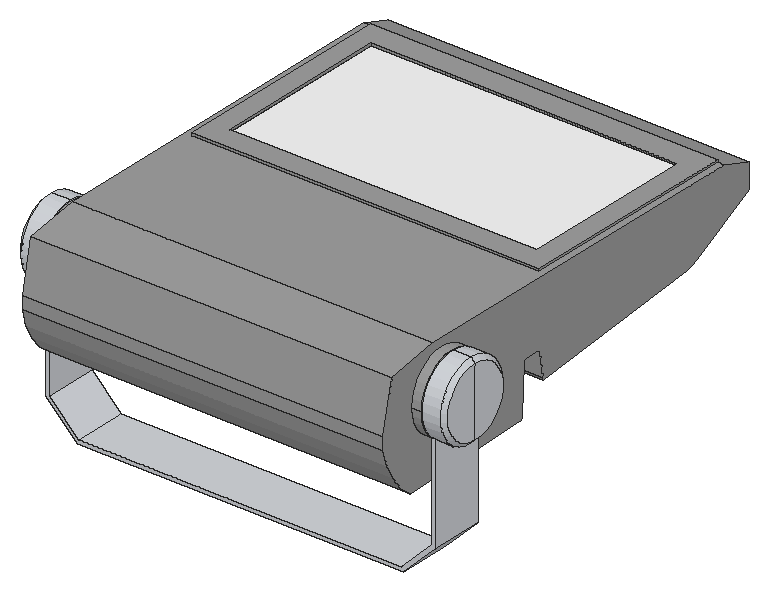
Revit family "0049101 Feilo Sylvania Lighting Fixture SYLVEO LED 3000LM WIDE 4K", category Lighting Fixtures, host Face, Revit 2017
Family settings
  Host = Face
  Round Connector Dimension = Use Diameter
  Part Type = Normal
  OmniClass Number = 23.80.70.00
  OmniClass Title = Lighting
  Cut with Voids When Loaded = No
  Light Source = No
  Shared = No
  Room Calculation Point = No
Parameters (values of type "0049101 SYLVEO LED 3000LM WIDE 4K")
  _DistributedBy = ""
  _CurrentRevision = 0
  _CreatedBy = "http://www.feilosylvania.com"
  _BimstoreBibleVersion = "Version 15"
  _BimSpecGuid = 0
  _Author = "n/a"
  Weight = "11.022 kg"
  Wattage Comments = "n/a"
  WarrantyStartDate [instance] = "n/a"
  WarrantyGuarantorParts = "n/a"
  WarrantyDurationUnit = "n/a"
  WarrantyDurationParts = "n/a"
  WarrantyDescription = "n/a"
  Voltage = 230 V
  URL = "http://www.sylvania-lighting.com"
  TypeName = "SYLVEO LED 3000LM WIDE 4K"
  TypeBody_FEILO = Sylveo Body S : 0049101 SYLVEO LED 3000LM WIDE 4K
  Type Image = <None>
  Type Comments = "n/a"
  TotalWidth = 205 mm
  TiltAngle [instance] = 0.00°
  StartAngle [instance] = -TiltAngle  # 0.00°
  PhotobiologicalRiskGroup = "RG1"
  Material_4_FEILO = none
  Material_3_FEILO = Diffuser-Sylvania-Glow
  Material_2_FEILO = Default
  Material_1_FEILO = none
  LuminousFlux = 3189 lm
  EndAngle [instance] = StartAngle + 180.00°  # 180.00°
  SerialNumber [instance] = "n/a"
  PowerFactor = 0
  PowerConsumption = "32.2 W"
  NominalLength = 205 mm
  NominalHeight = 219 mm
  NominalDepth = 59 mm
  Name = "SYLVEO LED 3000LM WIDE 4K"
  NBSReference = "n/a"
  NBSOfficeMasterTag = "n/a"
  NBSObjectName = "n/a"
  NBSNote = "n/a"
  NBSDescription = "n/a"
  ModelReference = "SYLVEO LED 3000LM WIDE 4K"
  ModelNumber = "0049101"
  Model = ModelReference  # "SYLVEO LED 3000LM WIDE 4K"
  Material = "aluminium housing, glass diffuser"
  ManufacturerName = "Feilo Sylvania"
  Manufacturer = "Feilo Sylvania"
  LuminaireType = ""
  LuminairePowerFactor = "n/a"
  LightOutputRatio = "100"
  LampsType = "LED"
  LampsColourRenderingIndex = "70"
  Lamp = "LED"
  Keynote = "16500"
  InstallationDate [instance] = "n/a"
  InputVoltage = "100-240V~"
  InputNominalFrequency = "50 Hz"
  IngressProtection = "IP66"
  ImpactProtectionIndex = "IK08"
  IfcExportType = "IfcLightFixtureType"
  IfcExportAs = "IfcLightFixtureType"
  Finish = "Die cast"
  ExpectedLife = 50000
  ElectricShockClassification = "Class I"
  DurationUnit = "hours"
  DocumentationLiterature = "http://www.sylvania-lighting.com/product/en-int/products/0049101"
  DimmingControlOptions = "Non dimmable"
  Diffuser Material = "Glass"
  Diffuser Finish = "Clear"
  Description = "Exterior LED Floodlight, comes complete with a 1000mm cable and adjustable bracket, aluminium housing, clear glass diffuser, IP66, IK08, Class I, 4000K, Non-dimming, 3400lm, 32W, 106lm/W, 850mA, CRI70, 52° beam angle, 50000hrs, (LxWxD) 49x205x219mm"
  Default Elevation = 1219.2 mm
  CreatedOn = "1/9/2018"
  CreatedBy = ""
  Cost = 0
  ColorTemperature = 4000 K
  ColorConsistency(SDCM) = "6"
  Color = "Aluminium"
  built-in parameter 1114216 [instance] = (empty or 0)
  ClassificationValue = "EF_70_80"
  ClassificationName = "Uniclass2015"
  BracketWidth = 25 mm
  BracketInnerWidth = 183 mm
  BracketExtrusionStart = -BracketWidth / 2  # -12.5 mm
  BracketExtrusionEnd = BracketWidth / 2  # 12.5 mm
  BarCode [instance] = "n/a"
  BIMObjectName = "n/a"
  AssetType = "Fixed"
  AssetIdentifier [instance] = "n/a"
  Assembly Code = "D5020200"
  Apparent Load = 32.2 VA
Reference planes
  plane 1 "Center (Front/Back)": y = 0
  plane 2: z = 0
  plane 3 "Center (Left/Right)": x = 0
  plane 4: x = 91.5
  plane 5: x = -91.5
  plane 6: z = 76
  plane 7: x = 102.5
  plane 8: x = -102.5
  plane 9: z = 94.5
  plane 10: z = 57.5
  plane 11: x = 100.5
  plane 12: x = -100.5
  plane 13: x = 93.5
  plane 14: x = -93.5
  plane 15: z = 2
  plane 16: z = 16
  plane 17: x = 77.5
  plane 18: x = -77.5
  plane 19: z = 59.5
Forms (mm)
  Extrusion 1, solid
    sketch origin (0, 0, 0) x (1, 0, 0) y (0, 0, 1)
      loop
        line (0, 2) -> (0, 0) -> (78.328, 0) -> (93.5, 15.172) -> (93.5, 76) -> (91.5, 76) -> (91.5, 16) -> (77.5, 2) -> (0, 2)
    from -12.5 to 12.5 <- "BracketExtrusionEnd"
  Extrusion 2, solid
    sketch origin (0, 0, 0) x (-1, 0, 0) y (0, 0, -1)
      loop
        line (0, -2) -> (77.5, -2) -> (91.5, -16) -> (91.5, -76) -> (93.5, -76) -> (93.5, -15.172) -> (78.328, 0) -> (0, 0) -> (0, -2)
    from -12.5 to 12.5 <- "BracketExtrusionEnd"
  Revolve 3, solid
    sketch origin (0, 0, 0) x (1, 0, 0) y (0, 0, 1)
      loop
        line (-91.5, 76) -> (-102.5, 76) -> (-102.5, 59.5) -> (-100.5, 57.5) -> (-91.5, 57.5) -> (-91.5, 76)
      axis (-91.5, 76) -> (-102.5, 76)
    angle from 0 to 360
  Revolve 4, solid
    sketch origin (0, 0, 0) x (-1, 0, 0) y (0, 0, 1)
      loop
        line (-91.5, 76) -> (-102.5, 76) -> (-102.5, 59.5) -> (-100.5, 57.5) -> (-91.5, 57.5) -> (-91.5, 76)
      axis (-91.5, 76) -> (-102.5, 76)
    angle from 0 to 360
  Revolve 5, solid, not visible
    sketch origin (181.107, 0, 76) x (1, 0, 0) y (0, 1, 0)
      loop
        line (-191.101, 0) -> (-171.112, 0) -> (-171.112, 10) -> (-191.101, 10) -> (-191.101, 0)
      axis (-171.112, 0) -> (-191.101, 0)
    angle from 0 <- "StartAngle" to 180 <- "EndAngle"
Cuts and joins
  joined: Extrusion 1, Extrusion 2, Revolve 3, Revolve 4
Dimensions and locks
  equal spacing: plane 5, plane 3 "Center (Left/Right)", plane 4
  "BracketInnerWidth": plane 5 to plane 4
  equal spacing: plane 7, plane 3 "Center (Left/Right)", plane 8
  "TotalWidth": plane 7 to plane 8
  locked: plane 2 to plane 6 at 76
  equal spacing: plane 10, plane 6, plane 9
  locked: plane 10 to plane 9 at 37
  equal spacing: plane 11, plane 3 "Center (Left/Right)", plane 12
  locked: plane 11 to plane 12 at 201
  equal spacing: plane 13, plane 3 "Center (Left/Right)", plane 14
  locked: plane 13 to plane 14 at 187
  locked: plane 2 to plane 16 at 16
  locked: plane 2 to plane 15 at 2
  equal spacing: plane 17, plane 3 "Center (Left/Right)", plane 18
  locked: plane 17 to plane 18 at 155
  locked: plane 19 to plane 10 at 2
  locked: Revolve 5 sketch curve to Revolve 5 sketch curve at 10
  equal spacing: Revolve 5 sketch curve, plane 3 "Center (Left/Right)", Revolve 5 sketch curve
  locked: Revolve 5 sketch curve to Revolve 5 sketch curve at 19.988
  aligned and locked: plane 2 to host face
  aligned and locked: level to host face
  aligned and locked: Revolve 3 sketch curve to plane 10
  aligned and locked: Revolve 3 sketch curve to plane 8
  aligned and locked: plane 5 to Revolve 3 sketch curve
  aligned and locked: Revolve 3 sketch curve to plane 6  (x2)
  aligned and locked: Revolve 5 sketch curve to plane 1 "Center (Front/Back)"
  aligned and locked: plane 3 "Center (Left/Right)" to nested 1
Automatic sketch dimensions
  host sketch curve to host sketch curve = 2438.4 mm  (x2)
  Extrusion 1 sketch curve to plane 3 "Center (Left/Right)" = 0 mm  (x2)
  Extrusion 1 sketch curve to level = 0 mm  (x2)
  Extrusion 1 sketch curve to plane 15 = 0 mm
  Extrusion 1 sketch curve to plane 17 = 0 mm
  plane 4 to Extrusion 1 sketch curve = 0 mm
  Extrusion 1 sketch curve to plane 13 = 0 mm  (x2)
  Extrusion 1 sketch curve to plane 6 = 0 mm  (x2)
  Extrusion 1 sketch curve to plane 16 = 0 mm
  plane 17 to Extrusion 1 sketch curve = 0.828 mm
  Extrusion 1 sketch curve to plane 16 = 0.828 mm
  Extrusion 2 sketch curve to plane 3 "Center (Left/Right)" = 0 mm  (x2)
  Extrusion 2 sketch curve to level = 0 mm  (x2)
  Extrusion 2 sketch curve to plane 15 = 0 mm
  plane 18 to Extrusion 2 sketch curve = 0 mm
  plane 5 to Extrusion 2 sketch curve = 0 mm
  plane 14 to Extrusion 2 sketch curve = 0 mm  (x2)
  Extrusion 2 sketch curve to plane 6 = 0 mm  (x2)
  Extrusion 2 sketch curve to plane 16 = 0 mm
  Extrusion 2 sketch curve to plane 18 = 0.828 mm
  plane 16 to Extrusion 2 sketch curve = 0.828 mm
  plane 12 to Revolve 3 sketch curve = 0 mm
  Revolve 3 sketch curve to plane 19 = 0 mm
  plane 8 to Revolve 3 sketch curve = 77.715 mm
  plane 7 to Revolve 3 sketch curve = 78.607 mm
  Revolve 4 sketch curve to plane 6 = 0 mm  (x2)
  Revolve 4 sketch curve to plane 7 = 0 mm
  Revolve 4 sketch curve to plane 10 = 0 mm
  Revolve 4 sketch curve to plane 11 = 0 mm
  plane 4 to Revolve 4 sketch curve = 0 mm
  Revolve 4 sketch curve to plane 19 = 0 mm
  Revolve 4 sketch curve to Revolve 4 sketch curve = 77.715 mm
  Revolve 4 sketch curve to plane 8 = 78.607 mm
  plane 1 "Center (Front/Back)" to Revolve 5 sketch curve = 0 mm
  plane 8 to Revolve 5 sketch curve = 1421.5 mm
  plane 7 to Revolve 5 sketch curve = 1421.5 mm
Nested families
  nested 1: "Sylveo Body S" at (0, 72.991, 76), type <- "TypeBody_FEILO", type "0049101 SYLVEO LED 3000LM WIDE 4K"
Connectors
  electrical at (0, 0, 0), driven by "Apparent Load", driven by "PowerFactor", driven by "Voltage"
    settings: index 1, voltage 230 V, apparent load 32.2 VA, apparent load phase1 0 VA, apparent load phase2 0 VA, apparent load phase3 0 VA, power factor 0, load classification "Lighting", number of poles 1, system type 30, power factor state 1, is connector primary yes, connector utility no, sub classification motor no, connector description ""
Definition of nested family "Sylveo Body S"
  Parameters (values of type "0049105 SYLVEO LED 3000LM RASYM 3K")
    Wattage = 30.8 W
    built-in parameter 1150110 = 1 (stored number, unit not read)
    VoidExtrusionStart = -BodyWidth / 2  # -86.5 mm
    URL = "http://www.feilosylvania.com"
    Type Comments = "n/a"
    built-in parameter 1114217 = 1 (stored number, unit not read)
    Tilt Angle = -90.00°
    built-in parameter 1150109 = 1 (stored number, unit not read)
    built-in parameter 1150134 = (empty or 0)
    built-in parameter 1150113 = 1 (stored number, unit not read)
    Photometric Web File = "0049105.ies"
    Model = "SYLVEO LED 3000LM RASYM 3K"
    Material_4_FEILO = none
    Material_3_FEILO = none
    Material_2_FEILO = none
    Material_1_FEILO = none
    Manufacturer = "Feilo Sylvania"
    built-in parameter 1150105 = 1613.6 (stored number, unit not read)
    Lumens = 3123.12 lm
    built-in parameter 1150115 = 1 (stored number, unit not read)
    built-in parameter 1150137 = (empty or 0)
    built-in parameter 1150139 = (empty or 0)
    built-in parameter 1150112 = 1 (stored number, unit not read)
    built-in parameter 1150114 = 1 (stored number, unit not read)
    Lamp = "LED"
    Keynote = "16500"
    built-in parameter 1150132 = (empty or 0)
    built-in parameter 1150102 = (empty or 0)
    built-in parameter 1150107 = 3000 (stored number, unit not read)
    built-in parameter 1150138 = (empty or 0)
    built-in parameter 1150106 = 16.136 (stored number, unit not read)
    Emit from Rectangle Width = 84 mm
    Emit from Rectangle Length = 147 mm
    Emit Shape Visible in Rendering = no
    built-in parameter 1150104 = 9.4204 (stored number, unit not read)
    Dimming Lamp Color Temperature Shift = (empty or 0)
    Description = "Exterior LED Floodlight, comes complete with a 1000mm cable and adjustable bracket, aluminium housing, clear glass diffuser, IP66, IK08, Class I, 3000K, Non-dimming, 3122lm, 31W, 101lm/W, 850mA, CRI70, 52°x117° beam angle, 50000hrs, (LxWxD) 49x205x219mm"
    Default Elevation = 1219.2 mm
    Cost = 0
    Color Filter = 16777215
    BodyWidth = 173 mm
    BodyHeight = 219 mm
    BodyExtrusionEnd = -BodyDepth  # -59 mm
    BodyDepth = 59 mm
    built-in parameter 1114218 = 1 (stored number, unit not read)
    built-in parameter 1150133 = 10 (stored number, unit not read)
    Assembly Code = "D5020200"
    Apparent Load = 30.8 VA
  Types (6, lengths in mm): name | Wattage | built-in parameter 1150134 | Photometric Web File | Model | built-in parameter 1150105 | Lumens | built-in parameter 1150107 | built-in parameter 1150106 | built-in parameter 1150104 | Description | Apparent Load
    0049105 SYLVEO LED 3000LM RASYM 3K | 30.8 W | (empty or 0) | "0049105.ies" | "SYLVEO LED 3000LM RASYM 3K" | 1613.6 (stored number, unit not read) | 3123.12 lm | 3000 (stored number, unit not read) | 16.136 (stored number, unit not read) | 9.4204 (stored number, unit not read) | "Exterior LED Floodlight, comes complete with a 1000mm cable and adjustable bracket, aluminium housing, clear glass diffuser, IP66, IK08, Class I, 3000K, Non-dimming, 3122lm, 31W, 101lm/W, 850mA, CRI70, 52°x117° beam angle, 50000hrs, (LxWxD) 49x205x219mm" | 30.8 VA
    0049104 SYLVEO LED 3000LM WIDE 3K | 30.5 W | (empty or 0) | "0049104.ies" | "SYLVEO LED 3000LM WIDE 3K" | 3931.7 (stored number, unit not read) | 3089.65 lm | 3000 (stored number, unit not read) | 39.317 (stored number, unit not read) | 9.4111 (stored number, unit not read) | "Exterior LED Floodlight, comes complete with a 1000mm cable and adjustable bracket, aluminium housing, clear glass diffuser, IP66, IK08, Class I, 3000K, Non-dimming, 3090lm, 31W, 101lm/W, 850mA, CRI70, 52° beam angle, 50000hrs, (LxWxD) 49x205x219mm" | 30.5 VA
    0049103 SYLVEO LED 3000LM NAR 3K | 30.2 W | (empty or 0) | "0049103.ies" | "SYLVEO LED 3000LM NAR 3K" | 12950.9 (stored number, unit not read) | 3041.14 lm | 3000 (stored number, unit not read) | 129.51 (stored number, unit not read) | 9.3553 (stored number, unit not read) | "Exterior LED Floodlight, comes complete with a 1000mm cable and adjustable bracket, aluminium housing, clear glass diffuser, IP66, IK08, Class I, 3000K, Non-dimming, 3041lm, 30W, 101lm/W, 850mA, CRI70, 21° beam angle, 50000hrs, (LxWxD) 49x205x219mm" | 30.2 VA
    0049102 SYLVEO LED 3000LM RASYM 4K | 30.3 W | 12 | "0049102.ies" | "SYLVEO LED 3000LM RASYM 4K" | 1646.9 (stored number, unit not read) | 3187.56 lm | 4000 (stored number, unit not read) | 16.469 (stored number, unit not read) | 9.7734 (stored number, unit not read) | "Exterior LED Floodlight, comes complete with a 1000mm cable and adjustable bracket, aluminium housing, clear glass diffuser, IP66, IK08, Class I, 4000K, Non-dimming, 3189lm, 30W, 105lm/W, 850mA, CRI70, 52°x117° beam angle, 50000hrs, (LxWxD) 49x205x219mm" | 30.3 VA
    0049101 SYLVEO LED 3000LM WIDE 4K | 32.2 W | 12 | "0049101.ies" | "SYLVEO LED 3000LM WIDE 4K" | 3985.3 (stored number, unit not read) | 3400.32 lm | 4000 (stored number, unit not read) | 39.853 (stored number, unit not read) | 9.8106 (stored number, unit not read) | "Exterior LED Floodlight, comes complete with a 1000mm cable and adjustable bracket, aluminium housing, clear glass diffuser, IP66, IK08, Class I, 4000K, Non-dimming, 3400lm, 32W, 106lm/W, 850mA, CRI70, 52° beam angle, 50000hrs, (LxWxD) 49x205x219mm" | 32.2 VA
    0049100 SYLVEO LED 3000LM NAR 4K | 30.5 W | 12 | "0049100.ies" | "SYLVEO LED 3000LM NAR 4K" | 13402.6 (stored number, unit not read) | 3089.65 lm | 4000 (stored number, unit not read) | 134.03 (stored number, unit not read) | 9.4111 (stored number, unit not read) | "Exterior LED Floodlight, comes complete with a 1000mm cable and adjustable bracket, aluminium housing, clear glass diffuser, IP66, IK08, Class I, 4000K, Non-dimming, 3090lm, 31W, 101lm/W, 850mA, CRI70, 21° beam angle, 50000hrs, (LxWxD) 49x205x219mm" | 30.5 VA
  Reference planes
    plane 1 "Center (Front/Back)": y = 0
    plane 2: z = 0
    plane 3 "Center (Left/Right)": x = 0
    plane 4: x = -86.5
    plane 5: x = 86.5
    plane 6: y = 110.708
    plane 7: y = -108.292
    plane 8: y = 96.384
    plane 9: y = 84.647
    plane 10: y = -0.668
    plane 11: y = -10.878
    plane 12: y = -54.493
    plane 13: y = -91.489
    plane 14: y = -72.991
    plane 15: x = -102.515
    plane 16: x = 102.515
    plane 17: x = -73.649
    plane 18: x = 73.649
    plane 19: x = -91.536
    plane 20: x = 91.536
    plane 21: z = 0
    plane 22: z = 22
    plane 23: x = -83.139
    plane 24: x = 83.139
    plane 25: y = -103.292
    plane 26: y = -78.292
    plane 27: z = -5.309
    plane 28: z = -11.402
    plane 29: y = -25.118
    plane 30: y = -23.893
    plane 31: z = -8.976
    plane 32: y = -14.493
    plane 33: y = -12.511
    plane 34: y = 77.218
    plane 35: z = 17
    plane 36: z = -13.634
    plane 37: z = 5
    plane 38: z = -22.951
    plane 39: z = -34.41
    plane 40: z = 17.785
    plane 41: y = 42.323
  Forms (mm)
    Extrusion 1, solid
      sketch origin (-0.8, 0, 0) x (1, 0, 0) y (0, 1, 0)
        loop
          line (-1219.2, 1219.2) -> (-1219.2, -1219.2) -> (1219.2, -1219.2) -> (1219.2, 1219.2) -> (-1219.2, 1219.2)
      from 0 to -304.8
    Revolve 2, solid, material <- "Material_2_FEILO"
      sketch origin (144.148, 0, 0) x (1, 0, 0) y (0, 1, 0)
        loop
          line (-235.684, -72.991) -> (-52.612, -72.991) -> (-52.612, -54.493) -> (-235.684, -54.493) -> (-235.684, -72.991)
        axis (-235.684, -72.991) -> (-52.612, -72.991)
      angle from 0 to 360
    Extrusion 3, solid, material <- "Material_2_FEILO"
      sketch origin (0, -146.667, 22) x (0, -1, 0) y (1, 0, 0)
        loop
          line (-257.375, -86.5) -> (-38.375, -86.5) -> (-38.375, 86.5) -> (-257.375, 86.5) -> (-257.375, -86.5)
      from 0 to -59 <- "BodyExtrusionEnd"
    Extrusion 4, void
      sketch origin (0, 0, 0) x (0, 1, 0) y (0, 0, 1)
        loop
          line (-78.292, 22) -> (-108.292, 22) -> (-108.292, -5.309) -> (-103.292, 17.785) -> (-78.292, 22)
        loop
          line (-108.292, -11.402) -> (-108.292, -37) -> (-91.489, -37)
          arc (-91.489, -37) -> (-102.558, -25.952) -> (-108.292, -11.402) r 38.329
      from -86.5 <- "VoidExtrusionStart" to 173 <- "BodyWidth"
    Extrusion 5, void
      sketch origin (0, 0, 0) x (0, 1, 0) y (0, 0, 1)
        loop
          line (-91.489, -37) -> (110.708, -37) -> (110.708, 5) -> (80.083, -12.039)
          arc (80.083, -12.039) -> (77.118, -13.316) -> (73.956, -13.972) r 16
          line (73.956, -13.972) -> (-11.553, -22.851)
          arc (-11.553, -22.851) -> (-12.272, -22.645) -> (-12.646, -21.997) r 1
          line (-12.646, -21.997) -> (-14.371, -9.836)
          arc (-14.371, -9.836) -> (-14.706, -9.221) -> (-15.361, -8.976) r 1
          line (-15.361, -8.976) -> (-22.94, -8.976)
          arc (-22.94, -8.976) -> (-23.63, -9.252) -> (-23.939, -9.928) r 1
          line (-23.939, -9.928) -> (-25.074, -33.494)
          arc (-25.074, -33.494) -> (-25.381, -34.133) -> (-26.034, -34.41) r 1.003
          line (-26.034, -34.41) -> (-91.489, -37)
        loop
          line (110.708, 17) -> (110.708, 22) -> (96.384, 22) -> (110.708, 17)
      from -86.5 <- "VoidExtrusionStart" to 173 <- "BodyWidth"
    Extrusion 6, solid, material <- "Material_2_FEILO"
      sketch origin (0, -146.667, 22) x (0, -1, 0) y (1, 0, 0)
        loop
          line (-243.051, -83.139) -> (-135.789, -83.139) -> (-135.789, 83.139) -> (-243.051, 83.139) -> (-243.051, -83.139)
        loop
          line (-231.314, -73.649) -> (-146.667, -73.649) -> (-146.667, 73.649) -> (-231.314, 73.649) -> (-231.314, -73.649)
      from 0 to 1
    Extrusion 7, void
      sketch origin (0, -146.667, 22) x (1, 0, 0) y (0, -1, 0)
        loop
          line (-73.649, -231.314) -> (73.649, -231.314) -> (73.649, -146.667) -> (-73.649, -146.667) -> (-73.649, -231.314)
      from 0 to 12
    Extrusion 8, solid, material <- "Material_3_FEILO"
      sketch origin (0, -146.667, 22) x (0, -1, 0) y (1, 0, 0)
        loop
          line (-231.314, -73.649) -> (-146.667, -73.649) -> (-146.667, 73.649) -> (-231.314, 73.649) -> (-231.314, -73.649)
      from 0 to -1
  Cuts and joins
    Extrusion 4, Extrusion 5, Extrusion 7 cuts Extrusion 3
    joined: Revolve 2, Extrusion 3
  Lines and regions (mm)
    reference lines
      curve 1: line (0, -108.292, -5.309) -> (0, -108.292, -11.402)
  Dimensions and locks
    equal spacing: plane 4, plane 3 "Center (Left/Right)", plane 5
    "BodyWidth": plane 4 to plane 5
    "BodyHeight": plane 6 to plane 7
    locked: plane 1 "Center (Front/Back)" to plane 7 at 108.292
    locked: plane 13 to plane 7 at 16.803
    locked: plane 14 to plane 7 at 35.301
    equal spacing: plane 12, plane 14, plane 13
    locked: plane 11 to plane 7 at 97.414
    locked: plane 10 to plane 7 at 107.624
    locked: plane 1 "Center (Front/Back)" to plane 9 at 84.647
    locked: plane 8 to plane 1 "Center (Front/Back)" at 96.384
    equal spacing: plane 15, plane 3 "Center (Left/Right)", plane 16
    locked: plane 15 to plane 16 at 205.031
    equal spacing: plane 17, plane 3 "Center (Left/Right)", plane 18
    locked: plane 17 to plane 18 at 147.299
    equal spacing: plane 19, plane 3 "Center (Left/Right)", plane 20
    locked: plane 19 to plane 20 at 183.072
    equal spacing: plane 23, plane 3 "Center (Left/Right)", plane 24
    locked: plane 23 to plane 24 at 166.278
    locked: plane 21 to plane 22 at 22
    locked: curve 1 to curve 1 at 6.092
    locked: plane 7 to plane 26 at 30
    locked: plane 21 to plane 27 at 5.309
    locked: plane 21 to plane 28 at 11.402
    locked: plane 7 to plane 29 at 83.174
    locked: plane 7 to plane 30 at 84.399
    locked: plane 21 to plane 31 at 8.976
    locked: plane 7 to plane 32 at 93.799
    locked: plane 7 to plane 33 at 95.781
    locked: plane 7 to plane 34 at 185.51
    locked: plane 21 to plane 35 at 17
    locked: plane 36 to plane 21 at 13.634
    locked: plane 21 to plane 37 at 5
    locked: plane 21 to plane 38 at 22.951
    locked: plane 21 to plane 39 at 34.41
    locked: plane 40 to plane 21 at 17.785
    locked: plane 7 to plane 25 at 5
    equal spacing: Extrusion 6, Extrusion 7 sketch curve, plane 24
    equal spacing: plane 1 "Center (Front/Back)", plane 41, plane 9
    aligned and locked: plane 2 to Extrusion 1
    aligned and locked: level to Extrusion 1
    aligned and locked: Revolve 2 sketch curve to plane 14  (x2)
    aligned and locked: plane 19 to Revolve 2 sketch curve
    aligned and locked: plane 12 to Revolve 2 sketch curve
    aligned and locked: Revolve 2 sketch curve to plane 20
    aligned and locked: level to plane 21
    aligned and locked: Extrusion 3 sketch curve to plane 6
    aligned and locked: plane 4 to Extrusion 3 sketch curve
    aligned and locked: plane 7 to Extrusion 3 sketch curve
    aligned and locked: Extrusion 3 sketch curve to plane 5
    aligned and locked: plane 40 to Extrusion 4 sketch curve
    aligned and locked: Extrusion 4 sketch curve to curve 1
    aligned and locked: plane 22 to Extrusion 4 sketch curve
    aligned and locked: curve 1 to Extrusion 4 sketch curve
    aligned and locked: Extrusion 4 sketch curve to Extrusion 3
    aligned and locked: plane 39 to Extrusion 5 sketch curve
    aligned and locked: plane 6 to Extrusion 5 sketch curve  (x2)
    aligned and locked: Extrusion 5 sketch curve to plane 22
    aligned and locked: Extrusion 6 sketch curve to plane 8
    aligned and locked: plane 23 to Extrusion 6 sketch curve
    aligned and locked: plane 11 to Extrusion 6 sketch curve
    aligned and locked: Extrusion 6 sketch curve to plane 24
    aligned and locked: plane 9 to Extrusion 6 sketch curve
    aligned and locked: plane 17 to Extrusion 6 sketch curve
    aligned and locked: Extrusion 6 sketch curve to plane 1 "Center (Front/Back)"
    aligned and locked: plane 18 to Extrusion 6 sketch curve
    aligned and locked: Extrusion 7 sketch curve to Extrusion 6  (x3)
    aligned and locked: Extrusion 8 sketch curve to cut or joined group of Revolve 2, Extrusion 3, Extrusion 4, Extrusion 5, Extrusion 7  (x4)
    aligned and locked: imposter light to plane 3 "Center (Left/Right)"
    aligned and locked: imposter light to plane 41
    aligned and locked: imposter light to plane 22
  Automatic sketch dimensions
    Extrusion 1 sketch curve to Extrusion 1 sketch curve = 2438.4 mm  (x2)
    plane 15 to Revolve 2 sketch curve = 90.323 mm
    plane 16 to Revolve 2 sketch curve = 82.977 mm
    curve 1 to level = 11.402 mm
    curve 1 to plane 7 = 0 mm
    Extrusion 4 sketch curve to plane 25 = 0 mm
    Extrusion 4 sketch curve to plane 13 = 0 mm
    Extrusion 4 sketch curve to plane 26 = 0 mm
    Extrusion 4 sketch curve to plane 28 = 0 mm
    Extrusion 4 sketch curve to plane 27 = 0 mm
    plane 27 to Extrusion 4 sketch curve = 0.391 mm
    Extrusion 7 sketch curve to plane 18 = 0 mm
    Extrusion 5 sketch curve to plane 13 = 0 mm
    Extrusion 5 sketch curve to plane 31 = 0 mm
    Extrusion 5 sketch curve to plane 8 = 0 mm
    plane 37 to Extrusion 5 sketch curve = 0 mm
    plane 35 to Extrusion 5 sketch curve = 0 mm
    plane 29 to Extrusion 5 sketch curve = 0.955 mm
    plane 29 to Extrusion 5 sketch curve = 0.916 mm
    Extrusion 5 sketch curve to plane 29 = 0.044 mm
    Extrusion 5 sketch curve to plane 30 = 0.046 mm
    plane 30 to Extrusion 5 sketch curve = 0.953 mm
    Extrusion 5 sketch curve to plane 32 = 0.868 mm
    plane 32 to Extrusion 5 sketch curve = 0.122 mm
    Extrusion 5 sketch curve to plane 33 = 0.135 mm
    Extrusion 5 sketch curve to plane 11 = 0.778 mm
    plane 38 to Extrusion 5 sketch curve = 0.099 mm
    Extrusion 5 sketch curve to plane 11 = 0.675 mm
    level to Extrusion 5 sketch curve = 1.942 mm
    Extrusion 5 sketch curve to plane 34 = 4.914 mm
    Extrusion 5 sketch curve to plane 28 = 0.638 mm
    plane 34 to Extrusion 5 sketch curve = 2.865 mm
    Extrusion 5 sketch curve to plane 39 = 2.59 mm
    plane 39 to Extrusion 5 sketch curve = 0.915 mm
    plane 38 to Extrusion 5 sketch curve = 0.954 mm
    Extrusion 5 sketch curve to Extrusion 5 sketch curve = 1 mm  (x2)
    plane 36 to Extrusion 5 sketch curve = 0.339 mm
